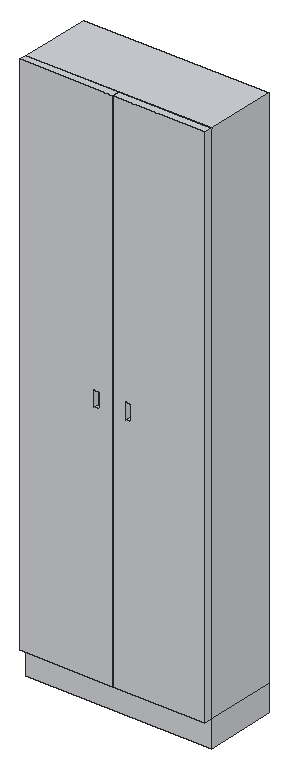
Revit family "21300_制御盤", category Electrical Equipment, Revit 2023
Family settings
  Panel Configuration = Two Columns, Circuits Across
  Round Connector Dimension = Use Diameter
  Part Type = Panelboard
  OmniClass Number = 23.80.30.11.17
  OmniClass Title = Distribution Boards and Control Panels
  Work Plane-Based = No
  Always vertical = Yes
  Cut with Voids When Loaded = No
  Maintain Annotation Orientation = No
  Shared = No
  Room Calculation Point = No
Parameters (values of type "両扉")
  非常放送端子 = 0
  電話端子 = ""
  電源種別_記号 [instance] = "A"
  電源種別 = "一般"
  開閉形式 = "両開き"
  運転質量 = 0.00 kg
  質量 = 0.00 kg
  負荷種別_記号 [instance] = "L"
  負荷種別 = "動力"
  負荷分類 = 6_その他_動力
  設置方法 = "床"
  設置年月 [instance] = ""
  記号 [instance] = 盤記号  # ""
  製造番号 [instance] = ""
  製品質量 = 300.00 kg
  製品出荷対象 = ""
  製品リリース年月 = ""
  製品グループ = ""
  系統 [instance] = ""
  符号 = "P"
  積算_科目2 = ""
  積算_科目 = "2 動力設備"
  積算_拾い区分 [instance] = ""
  積算_中科目 = ""
  相 = 3
  盤記号2 [instance] = ""
  盤記号 [instance] = ""
  盤仕様記号 = "T"
  特殊仕様 = "一般形(露出形、ドアあり)"
  法定耐用年数 = "15"
  機械基礎質量 [instance] = 0.00 kg
  機械基礎 [instance] = no
  極数 [instance] = 3
  材質_本体 = none
  材質 [instance] = ""
  Default Elevation = 0 mm
  形式2 = "露出形"
  形式 = "屋内形"
  幹線通し番号 [instance] = 11
  幹線記号 [instance] = "AL11 ー 11"
  左扉 = no
  定格入力電圧 [instance] = 200 V
  変圧器通し番号 [instance] = 幹線通し番号  # 11
  呼称 = "制御盤"
  名称 [instance] = ""
  右扉 = no
  取扱説明書URL = ""
  参照している仕様書等のバージョン = ""
  分類コード = "40201150100000"
  分類グループ = ""
  企業コード = ""
  付属品 [instance] = ""
  仕様書バージョン = "Version1.0"
  予備端子 = 0
  予備スペース = ""
  両扉 = yes
  built-in parameter 1155100 [instance] = -1
  トイレ非常呼出端子 = 0
  テレビ端子 = ""
  built-in parameter 1140142 [instance] = -1
  コメント [instance] = ""
  Keynote = ""
  キャビネット形式記号 = "V"
  キャビネット形式 = "自立形"
  インターホン端子 = 0
  Width_right_door [instance] = Width / 2  # 350 mm
  Width_left_door [instance] = Width / 2  # 350 mm
  Width [instance] = 700 mm
  Version = ""
  Uniclass2015Version = "Systems v1.9"
  Uniclass2015Title = "Distribution boards"
  Uniclass2015Code = "Pr_60_70_22_22"
  SpecificationReference = ""
  SpecificationDescription = ""
  Revision = ""
  ProductInformation = ""
  OmniClassCode = "23.80.30.11.17"
  built-in parameter 1140140 [instance] = 1 (stored number, unit not read)
  IfcTypeProduct = ""
  IfcProduct = ""
  IfcExportType = "MOTORCONTROLCENTRE"
  IfcExportAs = "IfcElectricDistributionBoardType"
  Height [instance] = 2100 mm
  FamilyVersion = "ver1.6"
  Depth [instance] = 300 mm
  Clearance Top = 0 mm
  Clearance Right = 0 mm
  Clearance Left = 0 mm
  Clearance Front_Door [instance] = if(両扉, Width / 2, if(右扉, Width, if(左扉, Width, 0 mm)))  # 350 mm
  Clearance Front = 0 mm
  Clearance Bottom = 0 mm
  Clearance Back = 0 mm
  Author = "Revit User Group Japan"
Reference planes
  plane 1: y = 0
  plane 2: z = 0
  plane 3: x = 0
  plane 4: y = -320
  plane 5: x = -350
  plane 6: x = 350
  plane 7: z = 0
  plane 8: x = -330
  plane 9: x = 330
  plane 10: y = -70
  plane 11: y = -350
  plane 12: z = 0
  plane 13: y = -50
  plane 14: y = -400
  plane 15: z = 2100
  plane 16: z = 2080
  plane 17: z = 100
Forms (mm)
  Extrusion 1, solid, material <- "材質_本体"
    sketch origin (0, -50, 0) x (1, 0, 0) y (0, 1, 0)
      loop
        line (-350, -270) -> (350, -270) -> (350, 0) -> (-350, 0) -> (-350, -270)
    from 0 to 100
  Extrusion 2, solid, material <- "材質_本体"
    sketch origin (0, -50, 0) x (1, 0, 0) y (0, 1, 0)
      loop
        line (-350, -270) -> (-330, -270) -> (-330, -20) -> (330, -20) -> (330, -270) -> (350, -270) -> (350, 0) -> (-350, 0) -> (-350, -270)
    from 2080 to 100
  Extrusion 3, solid, material <- "材質_本体"
    sketch origin (0, -50, 0) x (1, 0, 0) y (0, 1, 0)
      loop
        line (-350, -270) -> (350, -270) -> (350, 0) -> (-350, 0) -> (-350, -270)
    from 2080 to 2100
Cuts and joins
  joined: Extrusion 2, Extrusion 3
Lines and regions (mm)
  symbolic lines, detail levels fine
    curve 1: line (350, -50, 0) -> (-350, -50, 0)
    curve 2: line (-350, -50, 0) -> (-350, -320, 0)
    curve 3: line (-350, -350, 0) -> (-350, -320, 0)
    curve 4: line (-350, -320, 0) -> (350, -320, 0)
    curve 5: line (-350, -350, 0) -> (350, -350, 0)
    curve 6: line (350, -350, 0) -> (350, -320, 0)
    curve 7: line (350, -320, 0) -> (350, -50, 0)
  symbolic lines, style "サービススペース", detail levels fine
    curve 8: line (-350, -50, 0) -> (-350, -350, 0)
    curve 9: line (350, -50, 0) -> (-350, -50, 0)
    curve 10: line (350, -350, 0) -> (350, -50, 0)
    curve 11: line (-350, -350, 0) -> (350, -350, 0)
  symbolic lines, style "サービススペース", visible <- "右扉", detail levels fine
    curve 12: arc (-350.01, -350, 0) -> (-144.98, -844.985, 0) -> (350.005, -1050.014, 0) r 700.014
    curve 13: line (350.005, -1050.014, 0) -> (350, -50, 0)
  symbolic lines, style "サービススペース", visible <- "左扉", detail levels fine
    curve 14: arc (350, -350, 0) -> (144.975, -844.975, 0) -> (-350, -1050, 0) r 700
    curve 15: line (-350, -1050, 0) -> (-350, -350, 0)
  symbolic lines, style "サービススペース", visible <- "両扉", detail levels fine
    curve 16: arc (0, -350, 0) -> (102.513, -597.487, 0) -> (350, -700, 0) r 350
    curve 17: line (350, -350, 0) -> (350, -700, 0)
    curve 18: arc (0, -350, 0) -> (-102.513, -597.487, 0) -> (-350, -700, 0) r 350
    curve 19: line (-350, -350, 0) -> (-350, -700, 0)
Dimensions and locks
  equal spacing: plane 5, plane 3, plane 6
  "Width": plane 5 to plane 6
  locked: plane 5 to plane 8 at 20
  locked: plane 9 to plane 6 at 20
  locked: plane 7 to plane 2
  "Depth": plane 11 to plane 13
  locked: plane 13 to plane 1 at 50
  locked: plane 10 to plane 13 at 20
  locked: plane 11 to plane 4 at 30
  plane 14 to plane 1 = 400 mm
  locked: plane 17 to plane 7 at 100
  "Height": plane 15 to plane 7
  locked: plane 15 to plane 16 at 20
  aligned and locked: level to plane 2
  aligned and locked: plane 4 to Extrusion 1 sketch curve
  aligned and locked: plane 5 to Extrusion 1 sketch curve
  aligned and locked: plane 6 to Extrusion 1 sketch curve
  aligned and locked: plane 5 to Extrusion 2
  aligned and locked: Extrusion 2 to plane 8
  aligned and locked: plane 10 to Extrusion 2
  aligned and locked: plane 6 to Extrusion 2
  aligned and locked: Extrusion 2 to plane 9
  aligned and locked: plane 4 to Extrusion 2  (x2)
  aligned and locked: Extrusion 3 sketch curve to Extrusion 1  (x4)
  aligned and locked: plane 6 to cut or joined group of Extrusion 2, Extrusion 3
  aligned and locked: plane 5 to nested 1
  aligned and locked: plane 5 to cut or joined group of Extrusion 2, Extrusion 3
  aligned and locked: plane 11 to nested 1  (x2)
  aligned and locked: plane 4 to nested 1
  aligned and locked: plane 4 to nested 2
  aligned and locked: plane 11 to nested 2  (x3)
  aligned and locked: plane 4 to nested 3
  aligned and locked: plane 11 to nested 3  (x3)
  aligned and locked: nested 2 to plane 5
  aligned and locked: plane 4 to cut or joined group of Extrusion 2, Extrusion 3
  aligned and locked: plane 4 to Extrusion 1
  aligned and locked: nested 2 to plane 4  (x2)
  aligned and locked: nested 3 to plane 4  (x2)
  aligned and locked: plane 5 to nested 3
  aligned and locked: nested 1 to plane 4  (x2)
  aligned and locked: plane 6 to Extrusion 1
  aligned and locked: cut or joined group of Extrusion 2, Extrusion 3 to plane 13
  aligned and locked: Extrusion 1 to plane 13
  aligned and locked: plane 15 to cut or joined group of Extrusion 2, Extrusion 3
  aligned and locked: cut or joined group of Extrusion 2, Extrusion 3 to plane 16
  aligned and locked: plane 16 to cut or joined group of Extrusion 2, Extrusion 3
  aligned and locked: plane 17 to Extrusion 1
  aligned and locked: cut or joined group of Extrusion 2, Extrusion 3 to plane 17
  aligned and locked: plane 17 to nested 3
  aligned and locked: plane 17 to nested 2
  aligned and locked: plane 17 to nested 1
  aligned and locked: Extrusion 1 to plane 7
  aligned and locked: curve 1 to cut or joined group of Extrusion 2, Extrusion 3
  aligned and locked: curve 2 to cut or joined group of Extrusion 2, Extrusion 3
  aligned and locked: curve 3 to nested 2
  aligned and locked: curve 4 to nested 3
  aligned and locked: curve 5 to nested 3
  aligned and locked: curve 7 to cut or joined group of Extrusion 2, Extrusion 3
  aligned and locked: plane 3 to nested 4
  aligned and locked: plane 13 to nested 4
Automatic sketch dimensions
  plane 4 to Extrusion 2 sketch curve = 0 mm  (x2)
  Extrusion 2 sketch curve to plane 5 = 0 mm
  Extrusion 2 sketch curve to plane 8 = 0 mm
  Extrusion 2 sketch curve to plane 9 = 0 mm
  Extrusion 2 sketch curve to plane 6 = 0 mm
  plane 10 to Extrusion 2 sketch curve = 0 mm
  plane 1 to Extrusion 2 sketch curve = 50 mm
  plane 13 to Extrusion 1 sketch curve = 0 mm
  plane 11 to curve 12 = 0 mm
  curve 8 to plane 5 = 0 mm
  curve 18 to plane 3 = 0 mm
  curve 16 to plane 3 = 0 mm
  curve 9 to plane 6 = 0 mm
  plane 13 to curve 9 = 0 mm
  curve 10 to curve 12 = 0.005 mm
  curve 13 to curve 17 = 350.014 mm
Nested families
  nested 1: "両扉" at (0, -320, 0), visible <- "両扉", type "両扉"
  nested 2: "右扉" at (-350, -320, 0), visible <- "右扉", type "右扉"
  nested 3: "左扉" at (350, -320, 0), visible <- "左扉", type "左扉"
  nested 4: "シンボル" at (0, -50, 0), Depth <- "Depth", Width <- "Width", type "シンボル"
    with Width 700 mm, Depth 300 mm
Connectors
  electrical at (0, -185, 2100), driven by "極数", driven by "負荷分類", driven by "定格入力電圧"
    settings: on cut or joined group of Extrusion 2, Extrusion 3, index 1, voltage 200 V, apparent load 0 VA, apparent load phase1 0 VA, apparent load phase2 0 VA, apparent load phase3 0 VA, power factor 1, load classification "6_その他_動力", number of poles 3, system type 30, power factor state 1, is connector primary yes, connector utility no, sub classification motor no, connector description ""
Definition of nested family "両扉"
  Parameters (values of type "両扉")
    Default Elevation = 0 mm
    扉 = none
    h1 = Height / 2  # 1000 mm
    Width_right_door = 350 mm
    Width_left_door = 350 mm
    Height = 2000 mm
    Depth = 30 mm
  Reference planes
    plane 1 "中心(正面/背面)": y = 0
    plane 2: z = 0
    plane 3 "中心(左/右)": x = 0
    plane 4: y = -30
    plane 5: y = -10
    plane 6: x = -350
    plane 7: z = 100
    plane 8: z = 2000
    plane 9: x = 350
    plane 10: x = 50
    plane 11: x = -50
    plane 12: x = 70
    plane 13: x = -70
    plane 14: z = 1000
    plane 15: z = 970
    plane 16: z = 1030
  Forms (mm)
    Extrusion 1, solid, material <- "扉"
      sketch origin (600, 0, 0) x (1, 0, 0) y (0, 1, 0)
        loop
          line (-600, -30) -> (-250, -30) -> (-250, 0) -> (-600, 0) -> (-600, -30)
      from 2000 to 100
    Extrusion 2, void
      sketch origin (600, 0, 0) x (1, 0, 0) y (0, 0, 1)
        loop
          line (-550, 970) -> (-530, 970) -> (-530, 1030) -> (-550, 1030) -> (-550, 970)
      from 193.475 to 10
    Extrusion 3, solid, material <- "扉"
      sketch origin (-600, 0, 0) x (1, 0, 0) y (0, 1, 0)
        loop
          line (250, -30) -> (600, -30) -> (600, 0) -> (250, 0) -> (250, -30)
      from 2000 to 100
    Extrusion 4, void
      sketch origin (0, 0, 0) x (1, 0, 0) y (0, 0, 1)
        loop
          line (-70, 970) -> (-50, 970) -> (-50, 1030) -> (-70, 1030) -> (-70, 970)
      from 150 to 10
  Cuts and joins
    Extrusion 2 cuts Extrusion 1
    Extrusion 4 cuts Extrusion 3
  Dimensions and locks
    locked: plane 7 to plane 2 at 100
    "Depth": plane 4 to plane 1 "中心(正面/背面)"
    "Width_left_door": plane 6 to plane 3 "中心(左/右)"
    "Width_right_door": plane 3 "中心(左/右)" to plane 9
    "Height": plane 8 to plane 2
    plane 13 to plane 11 to plane 3 "中心(左/右)" to plane 10 to plane 12 = 20 mm locked, 50 mm locked, 50 mm locked, 20 mm locked
    locked: plane 4 to plane 5 at 20
    plane 16 to plane 15 = 60 mm
    equal spacing: plane 16, plane 14, plane 15
    "h1": plane 14 to plane 2
    aligned and locked: level to plane 2
    aligned and locked: plane 4 to Extrusion 1 sketch curve
    aligned and locked: cut or joined group of Extrusion 1, Extrusion 2 to plane 3 "中心(左/右)"
    aligned and locked: plane 9 to cut or joined group of Extrusion 1, Extrusion 2
    aligned and locked: cut or joined group of Extrusion 1, Extrusion 2 to plane 1 "中心(正面/背面)"
    aligned and locked: plane 4 to cut or joined group of Extrusion 1, Extrusion 2  (x2)
    aligned and locked: cut or joined group of Extrusion 1, Extrusion 2 to plane 7
    aligned and locked: plane 8 to cut or joined group of Extrusion 1, Extrusion 2
    aligned and locked: Extrusion 3 to plane 1 "中心(正面/背面)"
    aligned and locked: plane 3 "中心(左/右)" to Extrusion 3
    aligned and locked: plane 6 to Extrusion 3
    aligned and locked: plane 4 to Extrusion 3
    aligned and locked: plane 8 to Extrusion 3
    aligned and locked: Extrusion 3 to plane 7
    aligned and locked: plane 13 to Extrusion 4 sketch curve
    aligned and locked: Extrusion 4 sketch curve to plane 11
    aligned and locked: cut or joined group of Extrusion 3, Extrusion 4 to plane 15
    aligned and locked: cut or joined group of Extrusion 1, Extrusion 2 to plane 15
    aligned and locked: plane 16 to cut or joined group of Extrusion 3, Extrusion 4
    aligned and locked: plane 16 to cut or joined group of Extrusion 1, Extrusion 2
    aligned and locked: cut or joined group of Extrusion 1, Extrusion 2 to plane 10
    aligned and locked: plane 12 to cut or joined group of Extrusion 1, Extrusion 2
  Automatic sketch dimensions
    plane 1 "中心(正面/背面)" to Extrusion 1 sketch curve = 0 mm
    Extrusion 1 sketch curve to plane 3 "中心(左/右)" = 0 mm
    Extrusion 1 sketch curve to plane 9 = 0 mm
    Extrusion 2 sketch curve to plane 10 = 0 mm
    Extrusion 2 sketch curve to plane 12 = 0 mm
    Extrusion 3 sketch curve to plane 5 = 10 mm
    Extrusion 3 sketch curve to plane 6 = 0 mm
    Extrusion 3 sketch curve to plane 3 "中心(左/右)" = 0 mm
    plane 4 to Extrusion 3 sketch curve = 0 mm
    Extrusion 4 sketch curve to plane 16 = 0 mm
    Extrusion 2 sketch curve to plane 15 = 0 mm
    Extrusion 4 sketch curve to plane 15 = 0 mm
    Extrusion 2 sketch curve to plane 16 = 0 mm
Definition of nested family "右扉"
  Parameters (values of type "右扉")
    Default Elevation = 0 mm
    扉 = none
    h1 = Height / 2  # 1000 mm
    Width = 700 mm
    Height = 2000 mm
    Depth = 30 mm
  Reference planes
    plane 1 "中心(正面/背面)": y = 0
    plane 2: z = 0
    plane 3 "中心(左/右)": x = 0
    plane 4: x = 50
    plane 5: x = 70
    plane 6: z = 100
    plane 7: z = 2000
    plane 8: y = -30
    plane 9: y = -10
    plane 10: x = 700
    plane 11: z = 1000
    plane 12: z = 1030
    plane 13: z = 970
  Forms (mm)
    Extrusion 1, solid, material <- "扉"
      sketch origin (300, 0, 0) x (1, 0, 0) y (0, 1, 0)
        loop
          line (-300, -30) -> (400, -30) -> (400, 0) -> (-300, 0) -> (-300, -30)
      from 2000 to 100
    Extrusion 2, void
      sketch origin (300, 0, 0) x (1, 0, 0) y (0, 0, 1)
        loop
          line (-250, 970) -> (-230, 970) -> (-230, 1030) -> (-250, 1030) -> (-250, 970)
      from 1000 to 10
  Cuts and joins
    Extrusion 2 cuts Extrusion 1
  Dimensions and locks
    locked: plane 6 to plane 2 at 100
    "Width": plane 3 "中心(左/右)" to plane 10
    "Depth": plane 8 to plane 1 "中心(正面/背面)"
    locked: plane 8 to plane 9 at 20
    "Height": plane 7 to plane 2
    plane 3 "中心(左/右)" to plane 4 to plane 5 = 50 mm locked, 20 mm locked
    plane 12 to plane 13 = 60 mm
    equal spacing: plane 12, plane 11, plane 13
    "h1": plane 11 to plane 2
    aligned and locked: level to plane 2
    aligned and locked: Extrusion 2 sketch curve to plane 4
    aligned and locked: plane 5 to Extrusion 2 sketch curve
    aligned and locked: cut or joined group of Extrusion 1, Extrusion 2 to plane 9
    aligned and locked: plane 8 to cut or joined group of Extrusion 1, Extrusion 2  (x2)
    aligned and locked: plane 10 to cut or joined group of Extrusion 1, Extrusion 2
    aligned and locked: cut or joined group of Extrusion 1, Extrusion 2 to plane 1 "中心(正面/背面)"
    aligned and locked: cut or joined group of Extrusion 1, Extrusion 2 to plane 3 "中心(左/右)"
    aligned and locked: plane 9 to cut or joined group of Extrusion 1, Extrusion 2
    aligned and locked: plane 5 to cut or joined group of Extrusion 1, Extrusion 2
    aligned and locked: cut or joined group of Extrusion 1, Extrusion 2 to plane 4
    aligned and locked: cut or joined group of Extrusion 1, Extrusion 2 to plane 7
    aligned and locked: cut or joined group of Extrusion 1, Extrusion 2 to plane 6
    aligned and locked: cut or joined group of Extrusion 1, Extrusion 2 to plane 13
    aligned and locked: plane 12 to cut or joined group of Extrusion 1, Extrusion 2
  Automatic sketch dimensions
    Extrusion 1 sketch curve to plane 3 "中心(左/右)" = 0 mm
    plane 1 "中心(正面/背面)" to Extrusion 1 sketch curve = 30 mm
    Extrusion 1 sketch curve to Extrusion 1 sketch curve = 30 mm
    plane 5 to Extrusion 1 sketch curve = 630 mm
    Extrusion 2 sketch curve to plane 13 = 0 mm
    Extrusion 2 sketch curve to plane 12 = 0 mm
Definition of nested family "左扉"
  Parameters (values of type "左扉")
    Default Elevation = 0 mm
    扉 = none
    h1 = Height / 2  # 1000 mm
    Width = 700 mm
    Height = 2000 mm
    Depth = 30 mm
  Reference planes
    plane 1 "中心(正面/背面)": y = 0
    plane 2: z = 0
    plane 3 "中心(左/右)": x = 0
    plane 4: y = -30
    plane 5: y = -10
    plane 6: x = -700
    plane 7: x = -50
    plane 8: x = -70
    plane 9: z = 100
    plane 10: z = 2000
    plane 11: z = 1000
    plane 12: z = 1030
    plane 13: z = 970
  Forms (mm)
    Extrusion 1, solid, material <- "扉"
      sketch origin (-300, 270, 0) x (1, 0, 0) y (0, 1, 0)
        loop
          line (-400, -300) -> (300, -300) -> (300, -270) -> (-400, -270) -> (-400, -300)
      from 2000 to 100
    Extrusion 2, void
      sketch origin (0, 0, 0) x (1, 0, 0) y (0, 0, 1)
        loop
          line (-70, 970) -> (-50, 970) -> (-50, 1030) -> (-70, 1030) -> (-70, 970)
      from 150 to 10
  Cuts and joins
    Extrusion 2 cuts Extrusion 1
  Dimensions and locks
    locked: plane 9 to plane 2 at 100
    "Width": plane 6 to plane 3 "中心(左/右)"
    "Depth": plane 4 to plane 1 "中心(正面/背面)"
    locked: plane 4 to plane 5 at 20
    "Height": plane 10 to plane 2
    plane 8 to plane 7 to plane 3 "中心(左/右)" = 20 mm locked, 50 mm locked
    equal spacing: plane 12, plane 11, plane 13
    plane 12 to plane 13 = 60 mm
    "h1": plane 11 to plane 2
    aligned and locked: level to plane 2
    aligned and locked: plane 6 to Extrusion 1 sketch curve
    aligned and locked: Extrusion 1 to plane 9
    aligned and locked: plane 10 to Extrusion 1
    aligned and locked: Extrusion 1 to plane 1 "中心(正面/背面)"
    aligned and locked: plane 4 to Extrusion 1
    aligned and locked: plane 3 "中心(左/右)" to Extrusion 1
    aligned and locked: plane 6 to Extrusion 1
    aligned and locked: plane 8 to Extrusion 2 sketch curve
    aligned and locked: Extrusion 2 sketch curve to plane 7
    aligned and locked: cut or joined group of Extrusion 1, Extrusion 2 to plane 5
    aligned and locked: cut or joined group of Extrusion 1, Extrusion 2 to plane 7
    aligned and locked: plane 8 to cut or joined group of Extrusion 1, Extrusion 2
    aligned and locked: plane 12 to cut or joined group of Extrusion 1, Extrusion 2
    aligned and locked: cut or joined group of Extrusion 1, Extrusion 2 to plane 13
  Automatic sketch dimensions
    plane 1 "中心(正面/背面)" to Extrusion 1 sketch curve = 0 mm
    Extrusion 1 sketch curve to Extrusion 1 sketch curve = 30 mm
    Extrusion 1 sketch curve to plane 3 "中心(左/右)" = 0 mm
    Extrusion 2 sketch curve to plane 13 = 0 mm
    plane 12 to Extrusion 2 sketch curve = 0 mm
Definition of nested family "シンボル"
  Parameters (values of type "シンボル")
    Width [instance] = 600 mm
    Depth [instance] = 300 mm
  Reference planes
    plane 1 "中心(正面/背面)": y = 0
    plane 2: z = 0
    plane 3 "中心(左/右)": x = 0
    plane 4: x = 300
    plane 5: x = -300
    plane 6: y = -300
    plane 7: y = -150
  Lines and regions (mm)
    Filled region 1, type "塗り潰し - 黒", in view "参照レベル"
      outline origin (0, 0, 0) x (1, 0, 0) y (0, 1, 0)
        loop
          line (0, -150) -> (-300, 0) -> (-300, -300) -> (0, -150)
    Filled region 2, type "塗り潰し - 黒", in view "参照レベル"
      outline origin (0, 0, 0) x (1, 0, 0) y (0, 1, 0)
        loop
          line (0, -150) -> (300, -300) -> (300, 0) -> (0, -150)
    Masking region 1, in view "参照レベル"
      outline origin (0, 0, 0) x (1, 0, 0) y (0, 1, 0)
        loop
          line (-300, 0) -> (0, -150) -> (300, 0) -> (-300, 0)
    Masking region 2, in view "参照レベル"
      outline origin (0, 0, 0) x (1, 0, 0) y (0, 1, 0)
        loop
          line (-300, -300) -> (300, -300) -> (0, -150) -> (-300, -300)
    detail lines, in view "参照レベル"
      curve 1: line (-300, -300, 0) -> (300, -300, 0)
      curve 2: line (-300, 0, 0) -> (-300, -300, 0)
      curve 3: line (300, 0, 0) -> (-300, 0, 0)
      curve 4: line (300, -300, 0) -> (300, 0, 0)
    reference lines, in view "参照レベル"
      curve 5: line (-300, -300, 0) -> (300, 0, 0)
      curve 6: line (-300, 0, 0) -> (300, -300, 0)
  Dimensions and locks
    equal spacing: plane 5, plane 3 "中心(左/右)", plane 4
    "Width": plane 5 to plane 4
    "Depth": plane 6 to plane 1 "中心(正面/背面)"
    equal spacing: plane 6, plane 7, plane 1 "中心(正面/背面)"
    aligned and locked: plane 6 to curve 1
    aligned and locked: curve 3 to plane 1 "中心(正面/背面)"
    aligned and locked: plane 5 to curve 2
    aligned and locked: plane 4 to curve 4  (x2)
    aligned and locked: plane 5 to curve 3
    aligned and locked: Filled region 1 sketch curve to curve 5
    aligned and locked: Filled region 1 sketch curve to curve 6
    aligned and locked: Filled region 1 sketch curve to curve 2
    aligned and locked: Filled region 1 to Filled region 2 sketch curve
    aligned and locked: Filled region 2 sketch curve to curve 6
    aligned and locked: Filled region 2 sketch curve to curve 4
    aligned and locked: Masking region 1 sketch curve to curve 6
    aligned and locked: Filled region 1 to Masking region 1 sketch curve
    aligned and locked: Masking region 1 sketch curve to curve 3
    aligned and locked: Masking region 2 sketch curve to curve 5
    aligned and locked: Masking region 2 sketch curve to curve 6
    aligned and locked: Masking region 2 sketch curve to curve 1
  Automatic sketch dimensions
    plane 1 "中心(正面/背面)" to curve 6 = 0 mm
    curve 6 to plane 5 = 0 mm
    curve 5 to plane 5 = 0 mm
    curve 6 to plane 4 = 0 mm
    plane 1 "中心(正面/背面)" to curve 5 = 0 mm
    curve 5 to plane 4 = 0 mm
    plane 6 to curve 6 = 0 mm
    plane 6 to curve 5 = 0 mm
